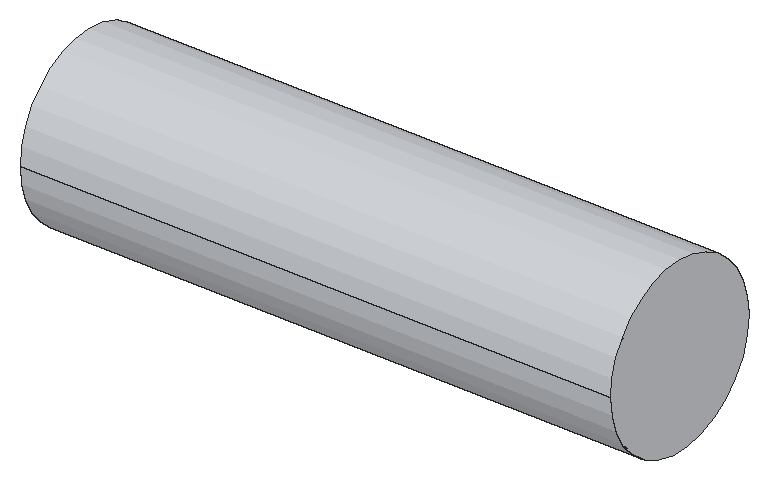
Revit family "PA_SHR-MIXER_LECICO_Concealed-Shower-Mixer_PC", category Pipe Accessories, Revit 2015
Parameters (values of type "Concealed Shower Mixer")
  URL = "http://www.lecico.co.za/products/neon-under-wall-shower-mixer/"
  Shower Mixer Height = 500 mm
  Manufacturer = "Lecico"
  Description = "Concealed Shower Mixer"
  Created By = "Tolani Civil Projects cc"
Reference planes
  plane 1 "Center (Front/Back)": y = 0
  plane 2: z = 0
  plane 3 "Center (Left/Right)": x = 0
  plane 4: x = 0
  plane 5: y = 24.327
  plane 6: z = 500
Forms (mm)
  Extrusion 1, solid
    sketch origin (0, 0, 200) x (0, 1, 0) y (0, 0, 1)
      loop
        circle (24.327, 300) r 8
    from -27.505 to 27.495
Dimensions and locks
  locked: Extrusion 1 sketch curve to plane 1 "Center (Front/Back)" at 24.327
  locked: import instance to plane 6 at 0
  "Shower Mixer Height": plane 6 to plane 2
  aligned and locked: level to plane 2
  aligned and locked: plane 4 to plane 3 "Center (Left/Right)"
  aligned and locked: import instance to plane 1 "Center (Front/Back)"
  aligned and locked: import instance to Extrusion 1
  aligned and locked: Extrusion 1 to import instance
  aligned and locked: plane 6 to Extrusion 1 sketch curve
Automatic sketch dimensions
  radius of Extrusion 1 sketch curve = 8 mm
Connectors
  piping at (-27.505, 24.327, 500), diameter 16
    settings: on Extrusion 1, index 1, connector inside diameter 609.6 mm, connector length 0 mm, flow factor 0, pipe flow 0.0 L/s, pressure drop 0.0 Pa, fitting loss kfactor 0, connector angle 0.00°, fixture units 0, engagement length 0 mm, angle of deflection 0.00°, flow configuration 0, flow direction 0, fitting loss method 0, system type 19, joint type 0, gender type 0, connector reference index -1, connector utility 0, adjustable connector no, is connector primary yes, connector description ""
  piping at (27.495, 24.327, 500), diameter 16
    settings: on Extrusion 1, index 2, connector inside diameter 609.6 mm, connector length 0 mm, flow factor 0, pipe flow 0.0 L/s, pressure drop 0.0 Pa, fitting loss kfactor 0, connector angle 0.00°, fixture units 0, engagement length 0 mm, angle of deflection 0.00°, flow configuration 0, flow direction 0, fitting loss method 0, system type 20, joint type 0, gender type 0, connector reference index -1, connector utility 0, adjustable connector no, is connector primary no, connector description ""
